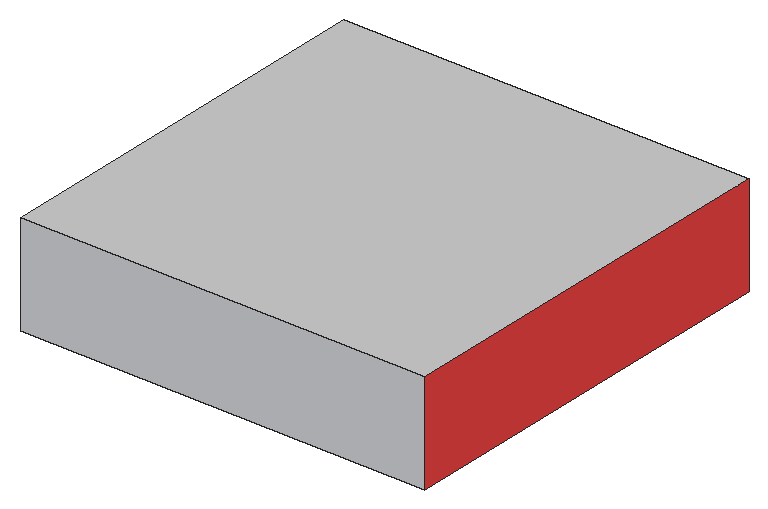
Revit family "GRIFO DE LAVABO KILY con desagüe automatico", category Aparatos sanitarios, Revit 2015
Parameters (values of type "4954000")
  URL = "http://www.griferiasgalindo.com/lavabo/kily/grifo-de-lavabo-kily?c=es"
  Teléfono = "(+34) 915 782 575"
  TIPO DE AGUA = ""
  REFERENCIA = "4954000"
  Presión Máxima = ""
  PESO BRUTO = ""
  Modelo = "KILY"
  Material = LATON CROMADO
  Imagen de tipo = <Ninguno>
  Fabricante = "PRESTO IBÉRICA"
  Default Elevation = 1219.2 mm
  ENTRADA = "Con latiguillos flexibles de 3/8”"
  Descripción = "Grifo monomando de lavabo Kily. Colección de líneas refinadas y elegantes que se adaptan a todo tipo de ambientes. Su original maneta de forma ondulada destaca en inclinación del escultural diseño del cuerpo del grifo. Una grifería que decora el espacio de baño con personalidad siendo piezas prácticas y ergonómicas muy confortables con el toque de distinción perfecto."
  Código de montaje = "C1030220"
  Contacto = "info@prestoiberica.com"
  Conexión AF = yes
  Conexión AC = yes
  Comentarios de tipo = "◦Grifo monomando de lavabo\r\n◦Acabado Cromo\r\n◦Sin desagüe automático\r\n◦Cartucho sellado mezclador con discos cerámicos Ø25mm y aireador oculto\r\n◦Tubos de alimentación flexibles 3/8\" y longitud 45 cm"
  CIERRE = ""
  CAUDAL = "6,6 l/min a 3 bar"
  Accionamiento = "Por maneta"
Reference planes
  plane 1 "Centro (Frontal/Posterior)": y = 0
  plane 2: z = 0
  plane 3 "Centro (Izquierda/Derecha)": x = 0
Forms (mm)
  Extrusion 1, solid
    sketch origin (0, 0, 0) x (1, 0, 0) y (0, 1, 0)
      loop
        line (-100, 100) -> (-100, -100) -> (100, -100) -> (100, 100) -> (-100, 100)
    from 0 to -50
Dimensions and locks
  Extrusion 1 sketch curve to plane 1 "Centro (Frontal/Posterior)" = 100 mm
  aligned and locked: plane 2 to Extrusion 1
  aligned and locked: level to Extrusion 1
Connectors
  piping at (7, 6, 0), diameter 9.5
    settings: on import instance, index 1, connector inside diameter 609.6 mm, connector length 0 mm, flow factor 0, pipe flow 0.0 L/s, pressure drop 0.0 Pa, fitting loss kfactor 0, connector angle 0.00°, fixture units 0, engagement length 0 mm, angle of deflection 0.00°, flow configuration 0, flow direction 1, fitting loss method 0, system type 7, joint type 0, gender type 0, connector reference index -1, connector utility 0, adjustable connector no, is connector primary yes, connector description ""
